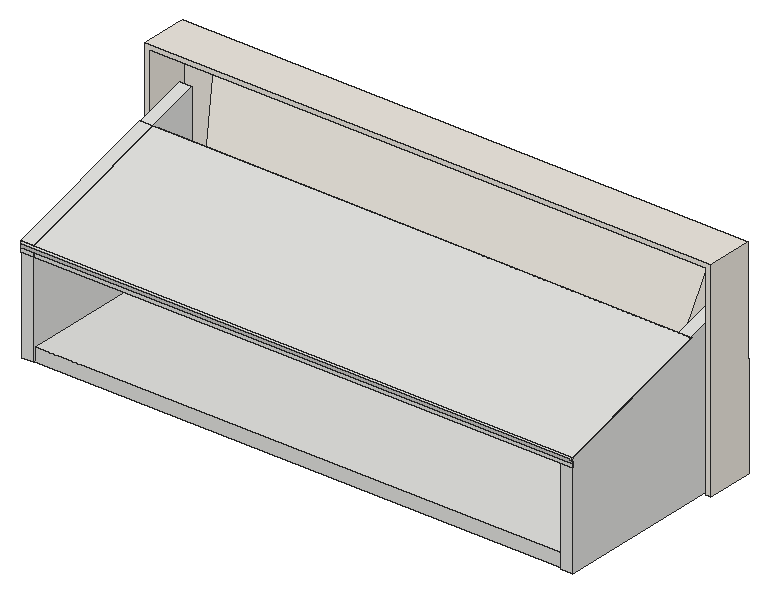
Revit family "Plumbing-Sink-Sloan-Valve-DSG-82000", category Plumbing Fixtures, host Face, Revit 2019
Family settings
  Host = Face
  Round Connector Dimension = Use Diameter
  Part Type = Normal
  OmniClass Number = 23.45.05.14.14
  OmniClass Title = Sinks/Lavatories
  Cut with Voids When Loaded = No
  Shared = No
  Room Calculation Point = No
Parameters (values of type "DSG-82000")
  Width = 60.00"  # constant formula
  Water Flow = 0.0 GPM
  Waste Connection = yes
  WFU = 2
  Vent Connection = no
  Valve Pressure Drop = 0.0 Pa
  URL = "www.sloanvalve.com"
  Sanitary Drain Connection Diameter = 1.50"
  Product data url = "https://bimobject.com/sloan_valve/product/sinks_designer-series_dsg-82000"
  Product Material = Sloan - Corian - Venaro White
  Product Guid = ""
  Part Number = ""
  Model = "DSG-82000"
  Manufacturer = "Sloan Valve"  # constant formula
  Keynote = "10000"
  Hot Water Connection Diameter = 0.50"
  Height = 5.00"  # constant formula
  HWFU = 1.5
  HW Connection = yes
  z_Elevation [instance] = 34.00"  # constant formula
  Enclosure [instance] = yes
  Edition number = 1
  Description = "Designer Series™ 2-Station Wall-Mounted Gradient Sink."
  Depth = 22.00"  # constant formula
  Default Elevation = 0.00"  # constant formula
  Cold Water Connection Diameter = 0.50"
  CWFU = 1.5
  CW Connection = yes
  Assembly Code = "D2010400"
  ADA Compliant = 1 = 1  # yes
Reference planes (in)
  plane 1 "Center (Front/Back)": y = 0
  plane 2: z = 0
  plane 3 "Center (Left/Right)": x = 0
  plane 4: y = -14
  plane 5: y = -34
  plane 6: z = 2.75
  plane 7: x = -15
  plane 8: z = 3.125
  plane 9: x = -9
  plane 10: z = 3.125
  plane 11: x = 9
  plane 12: z = 2.75
  plane 13: x = 15
  plane 14: x = -30
  plane 15: x = 30
  plane 16: z = 22
Forms (in)
  Extrusion 1, solid, not visible
    sketch origin (0, 0, 0) x (1, 0, 0) y (0, 1, 0)
      loop
        circle (0, -14) r 0.75
      loop
        circle (3, -10) r 0.25
      loop
        circle (-3, -10) r 0.25
    from 0 to 0.50971
Dimensions and locks (in)
  plane 4 to plane 1 "Center (Front/Back)" = 14.00"
  "z_Elevation": plane 5 to plane 1 "Center (Front/Back)"
  aligned and locked: plane 2 to host face
  aligned and locked: level to host face
  aligned and locked: plane 3 "Center (Left/Right)" to nested 1
  aligned and locked: plane 1 "Center (Front/Back)" to nested 1
Automatic sketch dimensions
  host sketch curve to host sketch curve = 96.00"  (x2)
  Extrusion 1 sketch curve to plane 3 "Center (Left/Right)" = 0.00"
  Extrusion 1 sketch curve to plane 4 = 0.00"
  Extrusion 1 sketch curve to plane 3 "Center (Left/Right)" = 3.00"
  plane 3 "Center (Left/Right)" to Extrusion 1 sketch curve = 3.00"
  plane 4 to Extrusion 1 sketch curve = 4.00"  (x2)
  radius of Extrusion 1 sketch curve = 0.75"
  radius of Extrusion 1 sketch curve = 0.25"  (x2)
Nested families (in)
  nested 1: "Geometry" at (0, 0, 0), type "Geometry"
Connectors (in)
  piping at (0, -14, 0), diameter 1.5, driven by "WFU", driven by "Sanitary Drain Connection Diameter"
    settings: on Extrusion 1, index 2, connector inside diameter 24.00", connector length 0.00", flow factor 0, pipe flow 0.0 GPM, pressure drop 0.0 Pa, fitting loss kfactor 0, connector angle 0.00°, fixture units 2, engagement length 0.00", angle of deflection 0.00°, flow configuration 3, flow direction 2, fitting loss method 0, system type 16, joint type 0, gender type 0, connector reference index -1, connector utility 0, adjustable connector no, is connector primary yes, connector description "Sanitary Drain Connection"
  piping at (3, -10, 0), diameter 0.5, driven by "Cold Water Connection Diameter", driven by "Valve Pressure Drop"
    settings: on Extrusion 1, index 3, connector inside diameter 24.00", connector length 0.00", flow factor 0, pipe flow 0.0 GPM, pressure drop 0.0 Pa, fitting loss kfactor 0, connector angle 0.00°, fixture units 1.5, engagement length 0.00", angle of deflection 0.00°, flow configuration 3, flow direction 1, fitting loss method 0, system type 20, joint type 0, gender type 0, connector reference index -1, connector utility 0, adjustable connector no, is connector primary no, connector description "Cold Water Connection"
  piping at (-3, -10, 0), diameter 0.5, driven by "Valve Pressure Drop", driven by "Hot Water Connection Diameter"
    settings: on Extrusion 1, index 4, connector inside diameter 24.00", connector length 0.00", flow factor 0, pipe flow 0.0 GPM, pressure drop 0.0 Pa, fitting loss kfactor 0, connector angle 0.00°, fixture units 1.5, engagement length 0.00", angle of deflection 0.00°, flow configuration 3, flow direction 1, fitting loss method 0, system type 19, joint type 0, gender type 0, connector reference index -1, connector utility 0, adjustable connector no, is connector primary no, connector description "Hot Water Connection"
Definition of nested family "Geometry"
  Parameters (values of type "Geometry")
    URL = ""
    Type Comments = ""
    Product Material = none
    Model = ""
    Manufacturer = ""
    Enclosure Material = none
    Enclosure = yes
    Description = ""
    Default Elevation = 34.00"
    Assembly Code = ""
  Reference planes (in)
    plane 1 "Center (Front/Back)": y = 0
    plane 2: z = 0
    plane 3 "Center (Left/Right)": x = 0
    plane 4: y = -5
    plane 5: x = 30
    plane 6: x = -30
    plane 7: z = 22
    plane 8: y = -34
    plane 9: y = -14
    plane 10: y = -10
    plane 11: x = -15
    plane 12: x = 15
    plane 13: x = 9
    plane 14: x = -9
    plane 15: z = 2.75
    plane 16: z = 7
  Forms (in)
    Extrusion 1, solid
      sketch origin (0, 0, 0) x (1, 0, 0) y (0, 1, 0)
        loop
          line (-48, 48) -> (-48, -48) -> (48, -48) -> (48, 48) -> (-48, 48)
      from 0 to -12
    Extrusion 2, solid, material <- "Product Material"
      sketch origin (0, 0, 0) x (1, 0, 0) y (0, 0, 1)
        loop
          line (30, 22) -> (-30, 22) -> (-30, 0) -> (-29.52756, 0) -> (-29.52756, 21.52756) -> (29.52756, 21.52756) -> (29.52756, 0) -> (30, 0) -> (30, 22)
      from 0 to 5
    Extrusion 3, solid, material <- "Product Material"
      sketch origin (0, 0, 0) x (1, 0, 0) y (0, 0, 1)
        loop
          line (30, 0) -> (30, 22) -> (-30, 22) -> (-30, 0) -> (30, 0)
        loop
          line (26, 19) -> (-26, 19) -> (-26, 5) -> (26, 5) -> (26, 19)
      from 0 to 0.47244
    Extrusion 4, solid, material <- "Product Material"
      sketch origin (0, 0, 0) x (0, 1, 0) y (0, 0, 1)
        loop
          line (0, 19) -> (-0.47244, 19.08029) -> (-3.83519, 9.47244) -> (-5.23048, 9.47244) -> (-5.23048, 4.52756) -> (-0.47244, 4.52756) -> (0, 5) -> (-4.75781, 5) -> (-4.75781, 9) -> (-3.5, 9) -> (0, 19)
      from -26 to 26
    Extrusion 5, solid, material <- "Product Material"
      sketch origin (0, 0, 0) x (1, 0, 0) y (0, 1, 0)
        loop
          line (-26, 0) -> (-26.30898, -0.47244) -> (-24.43413, -4.75781) -> (-23.91846, -4.75781) -> (-26, 0)
        loop
          line (26, 0) -> (23.91846, -4.75781) -> (24.43413, -4.75781) -> (26.30898, -0.47244) -> (26, 0)
      from 5 to 19.08029
    Extrusion 6, void
      sketch origin (0, 0, 0) x (0, 1, 0) y (0, 0, 1)
        loop
          line (-0.47244, 19.08029) -> (-5.23048, 19.08029) -> (-5.23048, 9.47244) -> (-3.83519, 9.47244) -> (-0.47244, 19.08029)
      from -26.30898 to 26.30898
    Extrusion 7, void
      sketch origin (0, 0, 0) x (1, 0, 0) y (0, 1, 0)
        loop
          line (-24.11076, -5.49694) -> (-26.30898, -0.47244) -> (-26.30898, -5.49694) -> (-24.11076, -5.49694)
        loop
          line (24.11076, -5.49694) -> (26.30898, -5.49694) -> (26.30898, -0.47244) -> (24.11076, -5.49694)
      from 4.52756 to 19.28617
    Extrusion 8, solid, material <- "Product Material"
      sketch origin (0, 0, 0) x (1, 0, 0) y (0, 1, 0)
        loop
          circle (0, -14) r 0.75
        loop
          circle (-3, -10) r 0.25
        loop
          circle (3, -10) r 0.25
      from 0 to 0.032
    Extrusion 9, void
      sketch origin (0, 0, 0) x (1, 0, 0) y (0, 0, 1)
        loop
          circle (0, 7) r 0.75
      from 4.75781 to 5.23048
    Extrusion 10, solid, material <- "Enclosure Material", visible <- "Enclosure"
      sketch origin (-0.1902, 0, 0) x (0, 1, 0) y (0, 0, -1)
        loop
          line (-22.28349, 0) -> (-22.28349, -11.02999) -> (-1.32484, -16.97876) -> (-1.35811, 0) -> (-22.28349, 0)
      from 27.76017 to 29.0598
    Sweep 11, solid, material <- "Enclosure Material", visible <- "Enclosure"
      path origin (0, 0.17188, 0) x (1, 0, 0) y (0, 1, 0)
        loop
          line (-29.25, -22.62888) -> (29.25, -22.62888)
      profile origin (0, -22.45701, 0) x (0, 1, 0) y (0, 0, 1)
        loop
          line (-0.00555, 10.86203) -> (0.10434, 10.47744) -> (0.11135, 10.05276) -> (0.17114, 10.05375) -> (0.164, 10.4863) -> (0.04663, 10.89708)
          arc (0.04663, 10.89708) -> (0.05347, 10.95663) -> (0.10042, 10.9939) r 0.07831
          line (0.10042, 10.9939) -> (15.93571, 15.51827) -> (15.86178, 15.55934) -> (0.10261, 11.05672)
          arc (0.10261, 11.05672) -> (0.00821, 10.98178) -> (-0.00555, 10.86203) r 0.15748
    Extrusion 12, solid, material <- "Enclosure Material", visible <- "Enclosure"
      sketch origin (0, 0, 0) x (1, 0, 0) y (0, 0, 1)
        loop
          line (-27.95037, 1.44) -> (-27.95037, 0) -> (27.95037, 0) -> (27.95037, 1.44) -> (-27.95037, 1.44)
      from 0.787 to 22.1902
    Extrusion 13, solid, material <- "Enclosure Material", visible <- "Enclosure"
      sketch origin (0.1902, 0, 0) x (0, 1, 0) y (0, 0, 1)
        loop
          line (-22.28349, 0) -> (-1.35811, 0) -> (-1.32484, 16.97876) -> (-22.28349, 11.02999) -> (-22.28349, 0)
      from 27.76017 to 29.0598
  Cuts and joins
    Extrusion 6, Extrusion 9 cuts Extrusion 2
    Extrusion 6, Extrusion 9 cuts Extrusion 3
    Extrusion 6, Extrusion 7, Extrusion 9 cuts Extrusion 4
    Extrusion 6, Extrusion 9 cuts Extrusion 5
    joined: Extrusion 2, Extrusion 3, Extrusion 4, Extrusion 5
  Lines and regions (in)
    Masking region 1
      outline origin (0, 0, 0) x (1, 0, 0) y (0, 0, 1)
        loop
          line (30, 22) -> (-30, 22) -> (-30, 0) -> (30, 0) -> (30, 22)
    symbolic lines, detail levels medium+fine
      curve 1: line (26, 0, 19) -> (-26, 0, 19)
      curve 2: line (26, 0, 5) -> (26, 0, 19)
      curve 3: line (-26, 0, 5) -> (26, 0, 5)
      curve 4: line (-26, 0, 19) -> (-26, 0, 5)
      curve 5: line (26, 0, 19) -> (24.46875, 0, 9)
      curve 6: line (-24.46875, 0, 9) -> (24.46875, 0, 9)
      curve 7: line (23.91846, 0, 9) -> (23.91846, 0, 5)
      curve 8: line (-23.91846, 0, 5) -> (-23.91846, 0, 9)
      curve 9: line (-24.46875, 0, 9) -> (-26, 0, 19)
    symbolic lines, detail levels fine
      curve 10: circle (15, 0, 2.75) r 0.625 normal (0, 1, 0)
      curve 11: circle (9, 0, 3.125) r 0.5 normal (0, 1, 0)
      curve 12: circle (-9, 0, 3.125) r 0.5 normal (0, 1, 0)
      curve 13: circle (-15, 0, 2.75) r 0.625 normal (0, 1, 0)
      curve 14: circle (0, 0, 7) r 0.75 normal (0, -1, 0)
  Dimensions and locks (in)
    locked: plane 5 to plane 6 at 60
    locked: Extrusion 1 to plane 7 at 22
    locked: plane 4 to plane 1 "Center (Front/Back)" at 5
    plane 8 to plane 10 = 24.00"
    plane 8 to plane 9 = 20.00"
    "Default Elevation": plane 8 to plane 1 "Center (Front/Back)"
    locked: Extrusion 1 to plane 15 at 2.75
    plane 12 to plane 11 = 30.00"
    equal spacing: plane 12, plane 3 "Center (Left/Right)", plane 11
    locked: plane 12 to plane 13 at 6
    locked: plane 14 to plane 11 at 6
    Extrusion 8 sketch curve to plane 3 "Center (Left/Right)" to Extrusion 8 sketch curve = 3.00", 3.00"
    plane 6 to Sweep 11 sketch curve = 0.75"
    Sweep 11 sketch curve to plane 5 = 0.75"
    aligned and locked: plane 2 to Extrusion 1
    aligned and locked: level to Extrusion 1
    aligned and locked: plane 9 to Extrusion 8 sketch curve
    aligned and locked: plane 10 to Extrusion 8 sketch curve  (x2)
    aligned and locked: Extrusion 3 sketch curve to level
    aligned and locked: Extrusion 3 sketch curve to plane 7
    aligned and locked: Extrusion 4 to Extrusion 9  (x2)
  Automatic sketch dimensions
    Extrusion 1 sketch curve to Extrusion 1 sketch curve = 96.00"  (x2)
    Extrusion 2 sketch curve to level = 0.00"  (x2)
    Extrusion 2 sketch curve to plane 6 = 0.00"
    Extrusion 2 sketch curve to plane 5 = 0.00"
    Extrusion 2 sketch curve to plane 7 = 0.00"
    Extrusion 2 sketch curve to Extrusion 2 sketch curve = 0.47244"
    Extrusion 2 sketch curve to plane 5 = 0.47244"
    plane 7 to Extrusion 2 sketch curve = 0.47244"
    Extrusion 3 sketch curve to plane 6 = 0.00"
    Extrusion 3 sketch curve to plane 5 = 0.00"
    plane 6 to Extrusion 3 sketch curve = 4.00"
    Extrusion 3 sketch curve to plane 5 = 4.00"
    level to Extrusion 3 sketch curve = 5.00"
    plane 7 to Extrusion 3 sketch curve = 3.00"
    Extrusion 4 sketch curve to plane 1 "Center (Front/Back)" = 0.00"  (x2)
    plane 1 "Center (Front/Back)" to Extrusion 4 sketch curve = 0.47244"  (x2)
    Extrusion 4 sketch curve to plane 4 = 1.50"
    Extrusion 4 sketch curve to Extrusion 4 sketch curve = 0.33519"
    Extrusion 4 sketch curve to plane 4 = 0.24219"
    plane 4 to Extrusion 4 sketch curve = 0.23048"
    level to Extrusion 4 sketch curve = 4.52756"
    Extrusion 4 sketch curve to Extrusion 4 sketch curve = 0.47244"  (x2)
    Extrusion 4 sketch curve to Extrusion 4 sketch curve = 4.00"
    plane 7 to Extrusion 4 sketch curve = 3.00"
    Extrusion 4 sketch curve to Extrusion 4 sketch curve = 0.08029"
    plane 1 "Center (Front/Back)" to Extrusion 5 sketch curve = 0.00"  (x2)
    plane 1 "Center (Front/Back)" to Extrusion 5 sketch curve = 0.47244"  (x2)
    plane 6 to Extrusion 5 sketch curve = 3.69102"
    Extrusion 5 sketch curve to Extrusion 5 sketch curve = 0.30898"  (x2)
    Extrusion 5 sketch curve to plane 4 = 0.24219"  (x2)
    Extrusion 5 sketch curve to Extrusion 5 sketch curve = 1.87485"
    Extrusion 5 sketch curve to Extrusion 5 sketch curve = 0.51568"  (x2)
    Extrusion 5 sketch curve to plane 5 = 6.08154"
    Extrusion 5 sketch curve to plane 5 = 4.00"
    plane 4 to Extrusion 6 sketch curve = 0.23048"
    Extrusion 6 sketch curve to plane 4 = 1.16481"
    plane 1 "Center (Front/Back)" to Extrusion 6 sketch curve = 0.47244"
    level to Extrusion 6 sketch curve = 9.47244"
    plane 7 to Extrusion 6 sketch curve = 2.91971"
    plane 4 to Extrusion 7 sketch curve = 0.49694"  (x2)
    plane 6 to Extrusion 7 sketch curve = 3.69102"
    Extrusion 7 sketch curve to Extrusion 7 sketch curve = 2.19822"  (x2)
    Extrusion 7 sketch curve to plane 5 = 5.88924"
    plane 1 "Center (Front/Back)" to Extrusion 7 sketch curve = 0.47244"  (x2)
    Extrusion 8 sketch curve to plane 3 "Center (Left/Right)" = 0.00"
    Masking region 1 sketch curve to plane 6 = 0.00"
    Masking region 1 sketch curve to level = 0.00"
    Masking region 1 sketch curve to plane 5 = 0.00"
    Masking region 1 sketch curve to plane 7 = 0.00"
    curve 13 to plane 11 = 0.00"
    curve 12 to plane 14 = 0.00"
    curve 14 to plane 3 "Center (Left/Right)" = 0.00"
    curve 11 to plane 13 = 0.00"
    curve 10 to plane 12 = 0.00"
    curve 13 to plane 15 = 0.00"
    curve 10 to plane 15 = 0.00"
    curve 14 to plane 16 = 0.00"
    curve 9 to plane 16 = 2.00"
    plane 6 to curve 9 = 5.53125"
    plane 6 to curve 3 = 4.00"
    curve 5 to plane 5 = 5.53125"
    curve 3 to plane 5 = 4.00"
    plane 15 to curve 12 = 0.375"
    plane 15 to curve 11 = 0.375"
    plane 16 to curve 3 = 2.00"
    plane 7 to curve 5 = 3.00"
    curve 3 to curve 8 = 2.08154"
    curve 7 to curve 2 = 2.08154"
    plane 9 to Sweep 11 sketch curve = 8.45701"
    profile plane to Sweep 11 sketch curve = 0.00555"
    Sweep 11 sketch curve to profile plane = 0.04663"
    Sweep 11 sketch curve to profile plane = 0.10042"
    Sweep 11 sketch curve to Sweep 11 sketch curve = 0.00219"
    Sweep 11 sketch curve to profile plane = 0.10434"
    Sweep 11 sketch curve to profile plane = 0.11135"
    Sweep 11 sketch curve to Sweep 11 sketch curve = 0.0753"
    Sweep 11 sketch curve to Sweep 11 sketch curve = 0.02394"
    Sweep 11 sketch curve to Sweep 11 sketch curve = 0.05966"
    Sweep 11 sketch curve to Sweep 11 sketch curve = 0.05979"
    Sweep 11 sketch curve to profile plane = 15.86178"
    Sweep 11 sketch curve to Sweep 11 sketch curve = 0.07393"
    profile plane to Sweep 11 sketch curve = 10.05276"
    Sweep 11 sketch curve to Sweep 11 sketch curve = 0.00099"
    Sweep 11 sketch curve to Sweep 11 sketch curve = 0.42467"
    Sweep 11 sketch curve to Sweep 11 sketch curve = 0.00886"
    Sweep 11 sketch curve to Sweep 11 sketch curve = 0.38459"
    Sweep 11 sketch curve to Sweep 11 sketch curve = 0.03505"
    Sweep 11 sketch curve to Sweep 11 sketch curve = 0.00821"
    Sweep 11 sketch curve to Sweep 11 sketch curve = 0.0133"
    profile plane to Sweep 11 sketch curve = 15.51827"
    Sweep 11 sketch curve to Sweep 11 sketch curve = 0.04107"
    Extrusion 12 sketch curve to level = 0.00"
    Extrusion 12 sketch curve to plane 11 = 12.95037"
    plane 12 to Extrusion 12 sketch curve = 12.95037"
    Extrusion 12 sketch curve to plane 15 = 1.31"
    Extrusion 13 sketch curve to level = 0.00"
    Extrusion 13 sketch curve to plane 16 = 4.02999"
    plane 9 to Extrusion 13 sketch curve = 8.28349"  (x2)
    plane 1 "Center (Front/Back)" to Extrusion 13 sketch curve = 1.35811"
    plane 1 "Center (Front/Back)" to Extrusion 13 sketch curve = 1.32484"
    plane 7 to Extrusion 13 sketch curve = 5.02124"
    Extrusion 10 sketch curve to level = 0.00"
    Extrusion 10 sketch curve to plane 16 = 4.02999"
    plane 9 to Extrusion 10 sketch curve = 8.28349"
    plane 1 "Center (Front/Back)" to Extrusion 10 sketch curve = 1.35811"
    plane 1 "Center (Front/Back)" to Extrusion 10 sketch curve = 1.32484"
    plane 7 to Extrusion 10 sketch curve = 5.02124"
    radius of Extrusion 8 sketch curve = 0.75"
    radius of Extrusion 8 sketch curve = 0.25"  (x2)
    radius of curve 10 = 0.625"
    radius of curve 11 = 0.50"
    radius of curve 12 = 0.50"
    radius of curve 13 = 0.625"
    radius of curve 14 = 0.75"
